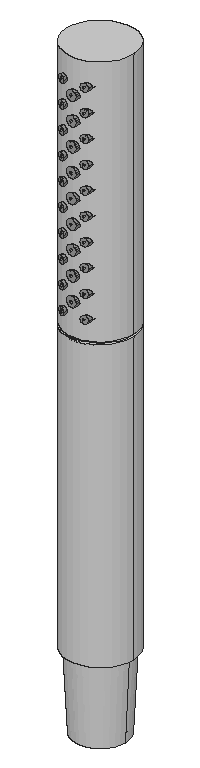
Revit family "LIANO II HANDSET 3S", category Plumbing Fixtures, host Face, Revit 2020
Family settings
  Host = Face
  Round Connector Dimension = Use Diameter
  Part Type = Normal
  OmniClass Number = 23.45.05.14.17
  OmniClass Title = Showers
  Cut with Voids When Loaded = No
  Shared = No
  Room Calculation Point = No
Parameters (values of type "LIANO II HANDSET 3S CHROME")
  Waste Connection = no
  Vent Connection = no
  URL = "https://www.caroma.com.au/"
  Model = "96475C3A"
  Material_Sprays = GWA-Plastic-General
  Material = GWA_Metal-Chrome
  Manufacturer = "GWA Bathrooms & Kitchens"  # constant formula
  HW Connection = yes
  Description = "LIANO II HANDSET 3S CHROME"
  Default Elevation = 0.00 mm
  CreatedBy_ANZRS = "GWA Bathrooms & Kitchens"  # constant formula
  CW Connection = yes
  Assembly Code = "D2020300"
Types (6, lengths in mm): name | Model | Material | Description
  LIANO II HANDSET 3S CHROME | "96475C3A" | GWA_Metal-Chrome | "LIANO II HANDSET 3S CHROME"
  LIANO II HANDSET 3S BRUSHED BRASS | "96475BB3A" | GWA_Metal-Brushed-Brass | "LIANO II HANDSET 3S BRUSHED BRASS"
  LIANO II HANDSET 3S BLACK | "96475B3A" | GWA-Metal-Black | "LIANO II HANDSET 3S BLACK"
  LIANO II HANDSET 3S GUNMETAL | "96475GM3A" | GWA_Metal-Brushed-Gunmetal | "LIANO II HANDSET 3S GUNMETAL"
  LIANO II HANDSET 3S BRUSHED NICKEL | "96475BN3A" | GWA_Metal-Brushed-Nickel | "LIANO II HANDSET 3S BRUSHED NICKEL"
  LIANO II HANDSET 3S BRUSHED BRONZE | "96475BBZ3A" | GWA_Metal-Brushed-Bronze | "LIANO II HANDSET 3S BRUSHED BRONZE"
Reference planes
  plane 1 "Center (Front/Back)": y = 0
  plane 2: z = 0
  plane 3 "Center (Left/Right)": x = 0
Forms (mm)
  Blend 1, solid, material "GWA_Metal-Chrome" <- "Material"
    base sketch origin (0, 0, 0) x (1, 0, 0) y (0, 1, 0)
      loop
        circle (0, 0) r 9.9
    top sketch origin (0, 0, 0) x (1, 0, 0) y (0, 1, 0)
      loop
        circle (0, 0) r 11.5
    from 0 to 30
  Extrusion 2, solid, material "GWA-Plastic-General" <- "Material_Sprays"
    sketch origin (0, 0, 0) x (1, 0, 0) y (0, 0, 1)
      loop
        circle (0, 228.25) r 1.9
    from 0 to 16
  Extrusion 3, solid, material "GWA-Plastic-General" <- "Material_Sprays"
    sketch origin (0, 0, 0) x (1, 0, 0) y (0, 0, 1)
      loop
        circle (4.5, 223.25) r 1.4
    from 0 to 16
  Extrusion 4, solid, material "GWA-Plastic-General" <- "Material_Sprays"
    sketch origin (0, 0, 0) x (1, 0, 0) y (0, 0, 1)
      loop
        circle (-4.5, 223.25) r 1.4
    from 0 to 16
  Extrusion 5, void
    sketch origin (0, 0, 0) x (1, 0, 0) y (0, 1, 0)
      loop
        arc (14, 0) -> (0, -14) -> (-14, 0) r 14
        line (-14, 0) -> (-17, 0) -> (-17, -18) -> (17, -18) -> (17, 0) -> (14, 0)
    from 80 to 250
  Extrusion 6, void
    sketch origin (0, 0, 0) x (1, 0, 0) y (0, 0, 1)
      loop
        circle (0, 228.25) r 0.5
    from 0 to 15
  Extrusion 7, void
    sketch origin (4.5, 0, -5) x (1, 0, 0) y (0, 0, 1)
      loop
        circle (0, 228.25) r 0.5
    from 0 to 15
  Extrusion 8, void
    sketch origin (-4.5, 0, -5) x (1, 0, 0) y (0, 0, 1)
      loop
        circle (0, 228.25) r 0.5
    from 0 to 15
  Extrusion 9, solid, material "GWA-Plastic-General" <- "Material_Sprays"
    sketch origin (0, 0, -9) x (1, 0, 0) y (0, 0, 1)
      loop
        circle (0, 228.25) r 1.9
    from 0 to 16
  Extrusion 10, solid, material "GWA-Plastic-General" <- "Material_Sprays"
    sketch origin (0, 0, -9) x (1, 0, 0) y (0, 0, 1)
      loop
        circle (4.5, 223.25) r 1.4
    from 0 to 16
  Extrusion 11, solid, material "GWA-Plastic-General" <- "Material_Sprays"
    sketch origin (0, 0, -9) x (1, 0, 0) y (0, 0, 1)
      loop
        circle (-4.5, 223.25) r 1.4
    from 0 to 16
  Extrusion 12, void
    sketch origin (0, 0, -9) x (1, 0, 0) y (0, 0, 1)
      loop
        circle (0, 228.25) r 0.5
    from 0 to 15
  Extrusion 13, void
    sketch origin (4.5, 0, -14) x (1, 0, 0) y (0, 0, 1)
      loop
        circle (0, 228.25) r 0.5
    from 0 to 15
  Extrusion 14, void
    sketch origin (-4.5, 0, -14) x (1, 0, 0) y (0, 0, 1)
      loop
        circle (0, 228.25) r 0.5
    from 0 to 15
  Extrusion 15, solid, material "GWA-Plastic-General" <- "Material_Sprays"
    sketch origin (0, 0, -18) x (1, 0, 0) y (0, 0, 1)
      loop
        circle (0, 228.25) r 1.9
    from 0 to 16
  Extrusion 16, solid, material "GWA-Plastic-General" <- "Material_Sprays"
    sketch origin (0, 0, -18) x (1, 0, 0) y (0, 0, 1)
      loop
        circle (4.5, 223.25) r 1.4
    from 0 to 16
  Extrusion 17, solid, material "GWA-Plastic-General" <- "Material_Sprays"
    sketch origin (0, 0, -18) x (1, 0, 0) y (0, 0, 1)
      loop
        circle (-4.5, 223.25) r 1.4
    from 0 to 16
  Extrusion 18, void
    sketch origin (0, 0, -18) x (1, 0, 0) y (0, 0, 1)
      loop
        circle (0, 228.25) r 0.5
    from 0 to 15
  Extrusion 19, void
    sketch origin (4.5, 0, -23) x (1, 0, 0) y (0, 0, 1)
      loop
        circle (0, 228.25) r 0.5
    from 0 to 15
  Extrusion 20, void
    sketch origin (-4.5, 0, -23) x (1, 0, 0) y (0, 0, 1)
      loop
        circle (0, 228.25) r 0.5
    from 0 to 15
  Extrusion 21, solid, material "GWA-Plastic-General" <- "Material_Sprays"
    sketch origin (0, 0, -27) x (1, 0, 0) y (0, 0, 1)
      loop
        circle (0, 228.25) r 1.9
    from 0 to 16
  Extrusion 22, solid, material "GWA-Plastic-General" <- "Material_Sprays"
    sketch origin (0, 0, -27) x (1, 0, 0) y (0, 0, 1)
      loop
        circle (4.5, 223.25) r 1.4
    from 0 to 16
  Extrusion 23, solid, material "GWA-Plastic-General" <- "Material_Sprays"
    sketch origin (0, 0, -27) x (1, 0, 0) y (0, 0, 1)
      loop
        circle (-4.5, 223.25) r 1.4
    from 0 to 16
  Extrusion 24, void
    sketch origin (0, 0, -27) x (1, 0, 0) y (0, 0, 1)
      loop
        circle (0, 228.25) r 0.5
    from 0 to 15
  Extrusion 25, void
    sketch origin (4.5, 0, -32) x (1, 0, 0) y (0, 0, 1)
      loop
        circle (0, 228.25) r 0.5
    from 0 to 15
  Extrusion 26, void
    sketch origin (-4.5, 0, -32) x (1, 0, 0) y (0, 0, 1)
      loop
        circle (0, 228.25) r 0.5
    from 0 to 15
  Extrusion 27, solid, material "GWA-Plastic-General" <- "Material_Sprays"
    sketch origin (0, 0, -36) x (1, 0, 0) y (0, 0, 1)
      loop
        circle (0, 228.25) r 1.9
    from 0 to 16
  Extrusion 28, solid, material "GWA-Plastic-General" <- "Material_Sprays"
    sketch origin (0, 0, -36) x (1, 0, 0) y (0, 0, 1)
      loop
        circle (4.5, 223.25) r 1.4
    from 0 to 16
  Extrusion 29, solid, material "GWA-Plastic-General" <- "Material_Sprays"
    sketch origin (0, 0, -36) x (1, 0, 0) y (0, 0, 1)
      loop
        circle (-4.5, 223.25) r 1.4
    from 0 to 16
  Extrusion 30, void
    sketch origin (0, 0, -36) x (1, 0, 0) y (0, 0, 1)
      loop
        circle (0, 228.25) r 0.5
    from 0 to 15
  Extrusion 31, void
    sketch origin (4.5, 0, -41) x (1, 0, 0) y (0, 0, 1)
      loop
        circle (0, 228.25) r 0.5
    from 0 to 15
  Extrusion 32, void
    sketch origin (-4.5, 0, -41) x (1, 0, 0) y (0, 0, 1)
      loop
        circle (0, 228.25) r 0.5
    from 0 to 15
  Extrusion 33, solid, material "GWA-Plastic-General" <- "Material_Sprays"
    sketch origin (0, 0, -45) x (1, 0, 0) y (0, 0, 1)
      loop
        circle (0, 228.25) r 1.9
    from 0 to 16
  Extrusion 34, solid, material "GWA-Plastic-General" <- "Material_Sprays"
    sketch origin (0, 0, -45) x (1, 0, 0) y (0, 0, 1)
      loop
        circle (4.5, 223.25) r 1.4
    from 0 to 16
  Extrusion 35, solid, material "GWA-Plastic-General" <- "Material_Sprays"
    sketch origin (0, 0, -45) x (1, 0, 0) y (0, 0, 1)
      loop
        circle (-4.5, 223.25) r 1.4
    from 0 to 16
  Extrusion 36, void
    sketch origin (0, 0, -45) x (1, 0, 0) y (0, 0, 1)
      loop
        circle (0, 228.25) r 0.5
    from 0 to 15
  Extrusion 37, void
    sketch origin (4.5, 0, -50) x (1, 0, 0) y (0, 0, 1)
      loop
        circle (0, 228.25) r 0.5
    from 0 to 15
  Extrusion 38, void
    sketch origin (-4.5, 0, -50) x (1, 0, 0) y (0, 0, 1)
      loop
        circle (0, 228.25) r 0.5
    from 0 to 15
  Extrusion 39, solid, material "GWA-Plastic-General" <- "Material_Sprays"
    sketch origin (0, 0, -54) x (1, 0, 0) y (0, 0, 1)
      loop
        circle (0, 228.25) r 1.9
    from 0 to 16
  Extrusion 40, solid, material "GWA-Plastic-General" <- "Material_Sprays"
    sketch origin (0, 0, -54) x (1, 0, 0) y (0, 0, 1)
      loop
        circle (4.5, 223.25) r 1.4
    from 0 to 16
  Extrusion 41, solid, material "GWA-Plastic-General" <- "Material_Sprays"
    sketch origin (0, 0, -54) x (1, 0, 0) y (0, 0, 1)
      loop
        circle (-4.5, 223.25) r 1.4
    from 0 to 16
  Extrusion 42, void
    sketch origin (0, 0, -54) x (1, 0, 0) y (0, 0, 1)
      loop
        circle (0, 228.25) r 0.5
    from 0 to 15
  Extrusion 43, void
    sketch origin (4.5, 0, -59) x (1, 0, 0) y (0, 0, 1)
      loop
        circle (0, 228.25) r 0.5
    from 0 to 15
  Extrusion 44, void
    sketch origin (-4.5, 0, -59) x (1, 0, 0) y (0, 0, 1)
      loop
        circle (0, 228.25) r 0.5
    from 0 to 15
  Extrusion 45, solid, material "GWA-Plastic-General" <- "Material_Sprays"
    sketch origin (0, 0, -63) x (1, 0, 0) y (0, 0, 1)
      loop
        circle (0, 228.25) r 1.9
    from 0 to 16
  Extrusion 46, solid, material "GWA-Plastic-General" <- "Material_Sprays"
    sketch origin (0, 0, -63) x (1, 0, 0) y (0, 0, 1)
      loop
        circle (4.5, 223.25) r 1.4
    from 0 to 16
  Extrusion 47, solid, material "GWA-Plastic-General" <- "Material_Sprays"
    sketch origin (0, 0, -63) x (1, 0, 0) y (0, 0, 1)
      loop
        circle (-4.5, 223.25) r 1.4
    from 0 to 16
  Extrusion 48, void
    sketch origin (0, 0, -63) x (1, 0, 0) y (0, 0, 1)
      loop
        circle (0, 228.25) r 0.5
    from 0 to 15
  Extrusion 49, void
    sketch origin (4.5, 0, -68) x (1, 0, 0) y (0, 0, 1)
      loop
        circle (0, 228.25) r 0.5
    from 0 to 15
  Extrusion 50, void
    sketch origin (-4.5, 0, -68) x (1, 0, 0) y (0, 0, 1)
      loop
        circle (0, 228.25) r 0.5
    from 0 to 15
  Extrusion 51, solid, material "GWA-Plastic-General" <- "Material_Sprays"
    sketch origin (0, 0, -72) x (1, 0, 0) y (0, 0, 1)
      loop
        circle (0, 228.25) r 1.9
    from 0 to 16
  Extrusion 52, solid, material "GWA-Plastic-General" <- "Material_Sprays"
    sketch origin (0, 0, -72) x (1, 0, 0) y (0, 0, 1)
      loop
        circle (4.5, 223.25) r 1.4
    from 0 to 16
  Extrusion 53, solid, material "GWA-Plastic-General" <- "Material_Sprays"
    sketch origin (0, 0, -72) x (1, 0, 0) y (0, 0, 1)
      loop
        circle (-4.5, 223.25) r 1.4
    from 0 to 16
  Extrusion 54, void
    sketch origin (0, 0, -72) x (1, 0, 0) y (0, 0, 1)
      loop
        circle (0, 228.25) r 0.5
    from 0 to 15
  Extrusion 55, void
    sketch origin (4.5, 0, -77) x (1, 0, 0) y (0, 0, 1)
      loop
        circle (0, 228.25) r 0.5
    from 0 to 15
  Extrusion 56, void
    sketch origin (-4.5, 0, -77) x (1, 0, 0) y (0, 0, 1)
      loop
        circle (0, 228.25) r 0.5
    from 0 to 15
  Extrusion 57, solid, material "GWA-Plastic-General" <- "Material_Sprays"
    sketch origin (0, 0, 9) x (1, 0, 0) y (0, 0, 1)
      loop
        circle (4.5, 223.25) r 1.4
    from 0 to 16
  Extrusion 58, solid, material "GWA-Plastic-General" <- "Material_Sprays"
    sketch origin (0, 0, 9) x (1, 0, 0) y (0, 0, 1)
      loop
        circle (-4.5, 223.25) r 1.4
    from 0 to 16
  Extrusion 59, void
    sketch origin (4.5, 0, 4) x (1, 0, 0) y (0, 0, 1)
      loop
        circle (0, 228.25) r 0.5
    from 0 to 15
  Extrusion 60, void
    sketch origin (-4.5, 0, 4) x (1, 0, 0) y (0, 0, 1)
      loop
        circle (0, 228.25) r 0.5
    from 0 to 15
  Extrusion 61, solid, material "GWA_Metal-Chrome" <- "Material"
    sketch origin (0, 0, 0) x (1, 0, 0) y (0, 1, 0)
      loop
        circle (0, 0) r 13
    from 143.5 to 241
  Extrusion 62, solid, material "GWA_Metal-Chrome" <- "Material"
    sketch origin (0, 0, 0) x (1, 0, 0) y (0, 1, 0)
      loop
        circle (0, 0) r 12
    from 142.5 to 143.5
  Extrusion 63, solid, material "GWA_Metal-Chrome" <- "Material"
    sketch origin (0, 0, 0) x (1, 0, 0) y (0, 1, 0)
      loop
        circle (0, 0) r 13
    from 30 to 142.5
Cuts and joins
  Extrusion 5, Extrusion 6, Extrusion 12, Extrusion 59, Extrusion 60 cuts Extrusion 2
  Extrusion 5, Extrusion 7, Extrusion 13, Extrusion 59, Extrusion 60 cuts Extrusion 3
  Extrusion 5, Extrusion 8, Extrusion 14, Extrusion 59, Extrusion 60 cuts Extrusion 4
  Extrusion 5, Extrusion 12, Extrusion 18, Extrusion 59, Extrusion 60 cuts Extrusion 9
  Extrusion 5, Extrusion 13, Extrusion 19, Extrusion 59, Extrusion 60 cuts Extrusion 10
  Extrusion 5, Extrusion 14, Extrusion 20, Extrusion 59, Extrusion 60 cuts Extrusion 11
  Extrusion 5, Extrusion 18, Extrusion 24, Extrusion 59, Extrusion 60 cuts Extrusion 15
  Extrusion 5, Extrusion 19, Extrusion 25, Extrusion 59, Extrusion 60 cuts Extrusion 16
  Extrusion 5, Extrusion 20, Extrusion 26, Extrusion 59, Extrusion 60 cuts Extrusion 17
  Extrusion 5, Extrusion 24, Extrusion 30, Extrusion 59, Extrusion 60 cuts Extrusion 21
  Extrusion 5, Extrusion 25, Extrusion 31, Extrusion 59, Extrusion 60 cuts Extrusion 22
  Extrusion 5, Extrusion 26, Extrusion 32, Extrusion 59, Extrusion 60 cuts Extrusion 23
  Extrusion 5, Extrusion 30, Extrusion 36, Extrusion 59, Extrusion 60 cuts Extrusion 27
  Extrusion 5, Extrusion 31, Extrusion 37, Extrusion 59, Extrusion 60 cuts Extrusion 28
  Extrusion 5, Extrusion 32, Extrusion 38, Extrusion 59, Extrusion 60 cuts Extrusion 29
  Extrusion 5, Extrusion 36, Extrusion 42, Extrusion 59, Extrusion 60 cuts Extrusion 33
  Extrusion 5, Extrusion 37, Extrusion 43, Extrusion 59, Extrusion 60 cuts Extrusion 34
  Extrusion 5, Extrusion 38, Extrusion 44, Extrusion 59, Extrusion 60 cuts Extrusion 35
  Extrusion 5, Extrusion 42, Extrusion 48, Extrusion 59, Extrusion 60 cuts Extrusion 39
  Extrusion 5, Extrusion 43, Extrusion 49, Extrusion 59, Extrusion 60 cuts Extrusion 40
  Extrusion 5, Extrusion 44, Extrusion 50, Extrusion 59, Extrusion 60 cuts Extrusion 41
  Extrusion 5, Extrusion 48, Extrusion 54, Extrusion 59, Extrusion 60 cuts Extrusion 45
  Extrusion 5, Extrusion 49, Extrusion 55, Extrusion 59, Extrusion 60 cuts Extrusion 46
  Extrusion 5, Extrusion 50, Extrusion 56, Extrusion 59, Extrusion 60 cuts Extrusion 47
  Extrusion 5, Extrusion 54, Extrusion 59, Extrusion 60 cuts Extrusion 51
  Extrusion 5, Extrusion 55, Extrusion 59, Extrusion 60 cuts Extrusion 52
  Extrusion 5, Extrusion 56, Extrusion 59, Extrusion 60 cuts Extrusion 53
  Extrusion 5, Extrusion 59 cuts Extrusion 57
  Extrusion 5, Extrusion 60 cuts Extrusion 58
  joined: Extrusion 2, Extrusion 3, Extrusion 4, Extrusion 9, Extrusion 10, Extrusion 11, Extrusion 15, Extrusion 16, Extrusion 17, Extrusion 21, Extrusion 22, Extrusion 23, Extrusion 27, Extrusion 28, Extrusion 29, Extrusion 33, Extrusion 34, Extrusion 35, Extrusion 39, Extrusion 40, Extrusion 41, Extrusion 45, Extrusion 46, Extrusion 47, Extrusion 51, Extrusion 52, Extrusion 53, Extrusion 57, Extrusion 58
Lines and regions (mm)
  Masking region 1
    outline origin (0, 0, 18.5) x (0, -1, 0) y (1, 0, 0)
      loop
        line (11.584, -5.9) -> (12.696, -5.9)
        arc (12.696, -5.9) -> (13.248, -4.525) -> (13.652, -3.1) r 14
        line (13.652, -3.1) -> (12.625, -3.1)
        arc (12.625, -3.1) -> (12.757, -2.503) -> (12.86, -1.9) r 13
        line (12.86, -1.9) -> (13.87, -1.9)
        arc (13.87, -1.9) -> (14, 0) -> (13.87, 1.9) r 14
        line (13.87, 1.9) -> (12.86, 1.9)
        arc (12.86, 1.9) -> (12.757, 2.503) -> (12.625, 3.1) r 13
        line (12.625, 3.1) -> (13.652, 3.1)
        arc (13.652, 3.1) -> (13.248, 4.525) -> (12.696, 5.9) r 14
        line (12.696, 5.9) -> (11.584, 5.9)
        arc (11.584, 5.9) -> (-13, 0) -> (11.584, -5.9) r 13
  Masking region 2
    outline origin (41.714, 0, 0) x (0, 1, 0) y (0, 0, 1)
      loop
        line (-13, 230.151) -> (-14, 230.151) -> (-14, 226.349) -> (-13, 226.349) -> (-13, 221.151) -> (-14, 221.151) -> (-14, 217.349) -> (-13, 217.349) -> (-13, 212.151) -> (-14, 212.151) -> (-14, 208.349) -> (-13, 208.349) -> (-13, 203.151) -> (-14, 203.151) -> (-14, 199.349) -> (-13, 199.349) -> (-13, 194.151) -> (-14, 194.151) -> (-14, 190.349) -> (-13, 190.349) -> (-13, 185.151) -> (-14, 185.151) -> (-14, 181.349) -> (-13, 181.349) -> (-13, 176.151) -> (-14, 176.151) -> (-14, 172.349) -> (-13, 172.349) -> (-13, 167.151) -> (-14, 167.151) -> (-14, 163.349) -> (-13, 163.349) -> (-13, 158.151) -> (-14, 158.151) -> (-14, 154.349) -> (-13, 154.349) -> (-13, 30) -> (13, 30) -> (13, 241) -> (-13, 241) -> (-13, 230.151)
  Masking region 3
    outline origin (41.714, 0, 0) x (0, 1, 0) y (0, 0, 1)
      loop
        line (-11.5, 30) -> (-9.9, 0) -> (9.9, 0) -> (11.5, 30) -> (-11.5, 30)
  Masking region 4
    outline origin (0, 0, 0) x (1, 0, 0) y (0, 0, 1)
      loop
        line (13, 241) -> (-13, 241) -> (-13, 143.5) -> (-12, 143.5) -> (-12, 142.5) -> (-13, 142.5) -> (-13, 30) -> (13, 30) -> (13, 142.5) -> (12, 142.5) -> (12, 143.5) -> (13, 143.5) -> (13, 241)
  Masking region 5
    outline origin (0, 0, 0) x (1, 0, 0) y (0, 0, 1)
      loop
        line (-11.5, 30) -> (-9.9, 0) -> (9.9, 0) -> (11.5, 30) -> (-11.5, 30)
  symbolic lines
    curve 1: circle (0, 0, 18.5) r 13 normal (0, 0, -1)
    curve 2: line (-5.9, -11.584, 18.5) -> (-5.9, -12.696, 18.5)
    curve 3: line (-1.9, -12.86, 18.5) -> (-1.9, -13.87, 18.5)
    curve 4: line (1.9, -12.86, 18.5) -> (1.9, -13.87, 18.5)
    curve 5: line (3.1, -12.625, 18.5) -> (3.1, -13.652, 18.5)
    curve 6: line (5.9, -11.584, 18.5) -> (5.9, -12.696, 18.5)
    curve 7: line (-3.1, -12.625, 18.5) -> (-3.1, -13.652, 18.5)
    curve 8: arc (-3.1, -13.652, 18.5) -> (-4.525, -13.248, 18.5) -> (-5.9, -12.696, 18.5) r 14
    curve 9: arc (1.9, -13.87, 18.5) -> (0, -14, 18.5) -> (-1.9, -13.87, 18.5) r 14
    curve 10: arc (5.9, -12.696, 18.5) -> (4.525, -13.248, 18.5) -> (3.1, -13.652, 18.5) r 14
    curve 11: line (41.714, 13, 241) -> (41.714, -13, 241)
    curve 12: line (41.714, -13, 30) -> (41.714, 13, 30)
    curve 13: line (41.714, -9.9, 0) -> (41.714, 9.9, 0)
    curve 14: line (41.714, 9.9, 0) -> (41.714, 11.5, 30)
    curve 15: line (41.714, -9.9, 0) -> (41.714, -11.5, 30)
    curve 16: line (41.714, -13, 30) -> (41.714, -13, 154.349)
    curve 17: line (41.714, 13, 241) -> (41.714, 13, 30)
    curve 18: line (41.714, -14, 230.151) -> (41.714, -13, 230.151)
    curve 19: line (41.714, -14, 226.349) -> (41.714, -13, 226.349)
    curve 20: line (41.714, -14, 226.349) -> (41.714, -14, 230.151)
    curve 21: arc (41.714, -13, 230.151) -> (41.714, -12.789, 228.25) -> (41.714, -13, 226.349) r 8.667
    curve 22: line (41.714, -14, 221.151) -> (41.714, -13, 221.151)
    curve 23: line (41.714, -14, 217.349) -> (41.714, -13, 217.349)
    curve 24: line (41.714, -14, 217.349) -> (41.714, -14, 221.151)
    curve 25: arc (41.714, -13, 221.151) -> (41.714, -12.789, 219.25) -> (41.714, -13, 217.349) r 8.667
    curve 26: line (41.714, -14, 212.151) -> (41.714, -13, 212.151)
    curve 27: line (41.714, -14, 208.349) -> (41.714, -13, 208.349)
    curve 28: line (41.714, -14, 208.349) -> (41.714, -14, 212.151)
    curve 29: arc (41.714, -13, 212.151) -> (41.714, -12.789, 210.25) -> (41.714, -13, 208.349) r 8.667
    curve 30: line (41.714, -14, 203.151) -> (41.714, -13, 203.151)
    curve 31: line (41.714, -14, 199.349) -> (41.714, -13, 199.349)
    curve 32: line (41.714, -14, 199.349) -> (41.714, -14, 203.151)
    curve 33: arc (41.714, -13, 203.151) -> (41.714, -12.789, 201.25) -> (41.714, -13, 199.349) r 8.667
    curve 34: line (41.714, -14, 194.151) -> (41.714, -13, 194.151)
    curve 35: line (41.714, -14, 190.349) -> (41.714, -13, 190.349)
    curve 36: line (41.714, -14, 190.349) -> (41.714, -14, 194.151)
    curve 37: arc (41.714, -13, 194.151) -> (41.714, -12.789, 192.25) -> (41.714, -13, 190.349) r 8.667
    curve 38: line (41.714, -14, 185.151) -> (41.714, -13, 185.151)
    curve 39: line (41.714, -14, 181.349) -> (41.714, -13, 181.349)
    curve 40: line (41.714, -14, 181.349) -> (41.714, -14, 185.151)
    curve 41: arc (41.714, -13, 185.151) -> (41.714, -12.789, 183.25) -> (41.714, -13, 181.349) r 8.667
    curve 42: line (41.714, -14, 176.151) -> (41.714, -13, 176.151)
    curve 43: line (41.714, -14, 172.349) -> (41.714, -13, 172.349)
    curve 44: line (41.714, -14, 172.349) -> (41.714, -14, 176.151)
    curve 45: arc (41.714, -13, 176.151) -> (41.714, -12.789, 174.25) -> (41.714, -13, 172.349) r 8.667
    curve 46: line (41.714, -14, 167.151) -> (41.714, -13, 167.151)
    curve 47: line (41.714, -14, 163.349) -> (41.714, -13, 163.349)
    curve 48: line (41.714, -14, 163.349) -> (41.714, -14, 167.151)
    curve 49: arc (41.714, -13, 167.151) -> (41.714, -12.789, 165.25) -> (41.714, -13, 163.349) r 8.667
    curve 50: line (41.714, -14, 158.151) -> (41.714, -13, 158.151)
    curve 51: line (41.714, -14, 154.349) -> (41.714, -13, 154.349)
    curve 52: line (41.714, -14, 154.349) -> (41.714, -14, 158.151)
    curve 53: arc (41.714, -13, 158.151) -> (41.714, -12.789, 156.25) -> (41.714, -13, 154.349) r 8.667
    curve 54: line (41.714, -13, 230.151) -> (41.714, -13, 241)
    curve 55: line (41.714, -13, 221.151) -> (41.714, -13, 226.349)
    curve 56: line (41.714, -13, 212.151) -> (41.714, -13, 217.349)
    curve 57: line (41.714, -13, 203.151) -> (41.714, -13, 208.349)
    curve 58: line (41.714, -13, 194.151) -> (41.714, -13, 199.349)
    curve 59: line (41.714, -13, 185.151) -> (41.714, -13, 190.349)
    curve 60: line (41.714, -13, 176.151) -> (41.714, -13, 181.349)
    curve 61: line (41.714, -13, 167.151) -> (41.714, -13, 172.349)
    curve 62: line (41.714, -13, 158.151) -> (41.714, -13, 163.349)
    curve 63: line (13, 0, 241) -> (-13, 0, 241)
    curve 64: line (-13, 0, 30) -> (13, 0, 30)
    curve 65: line (-9.9, 0, 0) -> (9.9, 0, 0)
    curve 66: line (13, 0, 30) -> (13, 0, 142.5)
    curve 67: line (-13, 0, 241) -> (-13, 0, 143.5)
    curve 68: line (-11.5, 0, 30) -> (-9.9, 0, 0)
    curve 69: line (11.5, 0, 30) -> (9.9, 0, 0)
    curve 70: circle (0, 0, 228.25) r 1.9 normal (0, -1, 0)
    curve 71: circle (4.5, 0, 223.25) r 1.4 normal (0, -1, 0)
    curve 72: circle (-4.5, 0, 223.25) r 1.4 normal (0, -1, 0)
    curve 73: circle (0, 0, 219.25) r 1.9 normal (0, -1, 0)
    curve 74: circle (4.5, 0, 214.25) r 1.4 normal (0, -1, 0)
    curve 75: circle (-4.5, 0, 214.25) r 1.4 normal (0, -1, 0)
    curve 76: circle (0, 0, 210.25) r 1.9 normal (0, -1, 0)
    curve 77: circle (4.5, 0, 205.25) r 1.4 normal (0, -1, 0)
    curve 78: circle (-4.5, 0, 205.25) r 1.4 normal (0, -1, 0)
    curve 79: circle (0, 0, 201.25) r 1.9 normal (0, -1, 0)
    curve 80: circle (4.5, 0, 196.25) r 1.4 normal (0, -1, 0)
    curve 81: circle (-4.5, 0, 196.25) r 1.4 normal (0, -1, 0)
    curve 82: circle (0, 0, 192.25) r 1.9 normal (0, -1, 0)
    curve 83: circle (4.5, 0, 187.25) r 1.4 normal (0, -1, 0)
    curve 84: circle (-4.5, 0, 187.25) r 1.4 normal (0, -1, 0)
    curve 85: circle (0, 0, 183.25) r 1.9 normal (0, -1, 0)
    curve 86: circle (4.5, 0, 178.25) r 1.4 normal (0, -1, 0)
    curve 87: circle (-4.5, 0, 178.25) r 1.4 normal (0, -1, 0)
    curve 88: circle (0, 0, 174.25) r 1.9 normal (0, -1, 0)
    curve 89: circle (4.5, 0, 169.25) r 1.4 normal (0, -1, 0)
    curve 90: circle (-4.5, 0, 169.25) r 1.4 normal (0, -1, 0)
    curve 91: circle (0, 0, 165.25) r 1.9 normal (0, -1, 0)
    curve 92: circle (4.5, 0, 160.25) r 1.4 normal (0, -1, 0)
    curve 93: circle (-4.5, 0, 160.25) r 1.4 normal (0, -1, 0)
    curve 94: circle (0, 0, 156.25) r 1.9 normal (0, -1, 0)
    curve 95: circle (4.5, 0, 151.25) r 1.4 normal (0, -1, 0)
    curve 96: circle (-4.5, 0, 151.25) r 1.4 normal (0, -1, 0)
    curve 97: line (13, 0, 143.5) -> (-13, 0, 143.5)
    curve 98: line (13, 0, 142.5) -> (-13, 0, 142.5)
    curve 99: line (-13, 0, 142.5) -> (-13, 0, 30)
    curve 100: line (13, 0, 143.5) -> (13, 0, 241)
    curve 101: line (12, 0, 143.5) -> (12, 0, 142.5)
    curve 102: line (-12, 0, 143.5) -> (-12, 0, 142.5)
    curve 103: circle (4.5, 0, 232.25) r 1.4 normal (0, -1, 0)
    curve 104: circle (-4.5, 0, 232.25) r 1.4 normal (0, -1, 0)
Dimensions and locks
  aligned and locked: plane 2 to host face
  aligned and locked: level to host face
